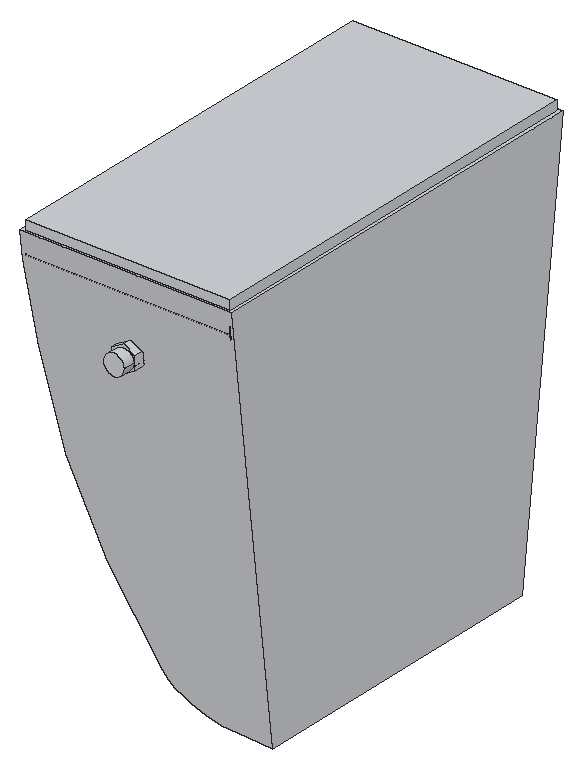
Revit family "0049945_2750lm", category Lighting Fixtures, host Face, Revit 2018
Family settings
  Host = Face
  Round Connector Dimension = Use Diameter
  Part Type = Normal
  OmniClass Number = 23.80.70.00
  OmniClass Title = Lighting
  Cut with Voids When Loaded = No
  Light Source = Yes
  Shared = No
  Room Calculation Point = No
Parameters (values of type "0049945 MURO SURF IP65 1700-3250LM 840 PH E3 GR")
  Weight = "n/a"
  Wattage Comments = ""
  Wattage = 0 W
  WarrantyStartDate [instance] = "n/a"
  WarrantyGuarantorParts = "n/a"
  WarrantyDurationUnit = "n/a"
  WarrantyDurationParts = ""
  WarrantyDescription = "http://www.sylvania-lighting.com"
  built-in parameter 1150110 = 1 (stored number, unit not read)
  Voltage = 0 V
  URL = "0.9"
  TypeName = "Muro Surface IP65 1700-3250lm 840 PH E3 Grey"
  Type Image = <None>
  Type Comments = "n/a"
  built-in parameter 1114217 = 1 (stored number, unit not read)
  Tilt Angle = -90.00°
  built-in parameter 1150109 = 1 (stored number, unit not read)
  built-in parameter 1150134 = 12
  built-in parameter 1150113 = 1 (stored number, unit not read)
  SerialNumber [instance] = "n/a"
  Photometric Web File = "0049945_2750lm.IES"
  Material_3_SYL = none
  PowerFactor = 0.95
  PowerConsumption = "Lighting"
  NominalLength = 155 mm
  NominalHeight = 305 mm
  NominalDepth = 155 mm
  Name = "Muro Surface IP65 1700-3250lm 840 PH E3 Grey"
  ModelReference = Name  # "Muro Surface IP65 1700-3250lm 840 PH E3 Grey"
  ModelNumber = "0049945"
  Model = Name  # "Muro Surface IP65 1700-3250lm 840 PH E3 Grey"
  Material = "Feilo Sylvania"
  ManufacturerName = "108 lm/W"
  Manufacturer = ""
  LuminousEfficacy = ""
  built-in parameter 1150105 = (empty or 0)
  Lumens = 0 lm
  LuminaireType = "0"
  built-in parameter 1150115 = 1 (stored number, unit not read)
  LightOutputRatio = "LED"
  built-in parameter 1150137 = (empty or 0)
  built-in parameter 1150139 = (empty or 0)
  LampsType = Lamp  # "n/a"
  LampNominalLuminous = "4000 K"
  LampMacAdamStep = "80"
  LampColourTemperature = "LED"
  LampColourRenderingIndex = "16500"
  built-in parameter 1150112 = 1 (stored number, unit not read)
  built-in parameter 1150114 = 1 (stored number, unit not read)
  Lamp = "n/a"
  Keynote = "n/a"
  InstallationDate [instance] = "n/a"
  InputVoltage = "0"
  InputNominalFrequency = "4000"
  built-in parameter 1150132 = (empty or 0)
  built-in parameter 1150102 = (empty or 0)
  built-in parameter 1150107 = 4000 (stored number, unit not read)
  built-in parameter 1150138 = (empty or 0)
  IngressProtection = "IfcLightFixtureType"
  ImpactProtectionIndex = "IfcLightFixtureType"
  built-in parameter 1150106 = (empty or 0)
  IfcExportType = "IfcLightFixtureType"
  IfcExportAs = "Class I"
  Emit from Circle Diameter = 609.6 mm
  Emit Shape Visible in Rendering = no
  ElectricShockClassification = "108"
  built-in parameter 1150104 = 11.334 (stored number, unit not read)
  DocumentationLiterature = "http://www.sylvania-lighting.com/product/en-int/products/0049945"
  DimmingControlOptions = "n/a"
  Material_2_SYL = none
  Dimming Lamp Color Temperature Shift = <None>
  Description = "Muro Surface is a wall mounted fixture for exterior lighting applications with 3 hours combined non-maintained emergency unit. Comes with aluminium housing in RAL7016 anthracite grey colour, frosted PC diffuser, IP65, IK10, Class I, 4000K, non-dimmable multipower driver with 5 settings, 1700 / 1900 / 2750 / 3150 / 3250 lm, 16 / 18 / 26 / 29 / 30 W, up to 109 lm/W total system efficacy, switchable built in Mini photocell, CRI80, Asymmetrical beam, 119.000 hrs L70B50 lifespan, 304 x 305 x 155 mm (L x W x D) dimensions, 4.32 kg weight."
  Default Elevation = 1219.2 mm
  CreatedOn = "27/06/2022"
  CreatedBy = "@sylvania-lighting.com"
  Cost = 0
  Color Filter = 16777215
  built-in parameter 1114216 [instance] = (empty or 0)
  ClassificationValue = "EF_70_80"
  ClassificationName = "Uniclass2015"
  Material_1_SYL = none
  BarCode [instance] = "n/a"
  built-in parameter 1114218 = 1 (stored number, unit not read)
  built-in parameter 1150133 = 10 (stored number, unit not read)
  AssetType = "Fixed"
  AssetIdentifier [instance] = "n/a"
  Assembly Code = "D5020200"
  Apparent Load = 30 VA
  Material_4_SYL = none
Reference planes
  plane 1 "Center (Front/Back)": y = 0
  plane 2: z = 0
  plane 3 "Center (Left/Right)": x = 0
  plane 4: x = -78
  plane 5: x = 78
  plane 6: z = -305
  plane 7: y = 150
  plane 8: y = -150
  plane 9: x = -75
  plane 10: x = 75
  plane 11: y = 115
  plane 12: y = -115
  plane 13: z = -65
  plane 14: x = -2
Forms (mm)
  Extrusion 1, solid
    sketch origin (0, 0, 0) x (1, 0, 0) y (0, 0, 1)
      loop
        line (78, -310) -> (78, -6.48) -> (-78, -6.48) -> (-78, -26.48) -> (-72.235, -85.387)
        arc (-72.235, -85.387) -> (-48.397, -189.323) -> (-0.704, -284.698) r 448.659
        arc (-0.704, -284.698) -> (5.844, -292.285) -> (14.114, -297.948) r 38.9
        line (14.114, -297.948) -> (19.517, -300.701)
        arc (19.517, -300.701) -> (35.277, -306.672) -> (51.956, -309.091) r 77.403
        line (51.956, -309.091) -> (78, -310)
    from -152 to 152
  Extrusion 2, solid
    sketch origin (0, 0, 0) x (1, 0, 0) y (0, 1, 0)
      loop
        line (75, 150) -> (-75, 150) -> (-75, -150) -> (75, -150) -> (75, 150)
    from -26.48 to 0
  Extrusion 3, void
    sketch origin (319, 1524, 1219.2) x (0, 1, 0) y (0, 0, 1)
      loop
        line (-1412.802, -1554.876) -> (-1285.02, -1554.876) -> (-1262, -1225.68) -> (-1372, -1225.68) -> (-1412.802, -1554.876)
    from -490.123 to 1
  Extrusion 4, void
    sketch origin (319, -1524, 1219.2) x (0, -1, 0) y (0, 0, -1)
      loop
        line (-1412.802, 1554.876) -> (-1372, 1225.68) -> (-1262, 1225.68) -> (-1285.02, 1554.876) -> (-1412.802, 1554.876)
    from -490.123 to 1
  Extrusion 5, solid
    sketch origin (0, 0, 0) x (1, 0, 0) y (0, 0, 1)
      loop
        circle (-2, -65) r 7.5
    from 0 to 160.393
  Extrusion 6, solid
    sketch origin (0, 0, 0) x (1, 0, 0) y (0, 0, 1)
      loop
        line (-2, -55) -> (-10.66, -60) -> (-10.66, -70) -> (-2, -75) -> (6.66, -70) -> (6.66, -60) -> (-2, -55)
    from 0 to 152
Cuts and joins
  Extrusion 3, Extrusion 4 cuts Extrusion 1
  Extrusion 4 cuts Extrusion 2
Dimensions and locks
  aligned and locked: plane 2 to host face
  aligned and locked: level to host face
Connectors
  electrical at (78, 0, -158.24)
    settings: on cut or joined group of Extrusion 1, Extrusion 3, Extrusion 4, index 1, voltage 0 V, apparent load 0 VA, apparent load phase1 0 VA, apparent load phase2 0 VA, apparent load phase3 0 VA, power factor 1, load classification "Other", number of poles 1, system type 31, power factor state 1, is connector primary yes, connector utility no, sub classification motor no, connector description ""
